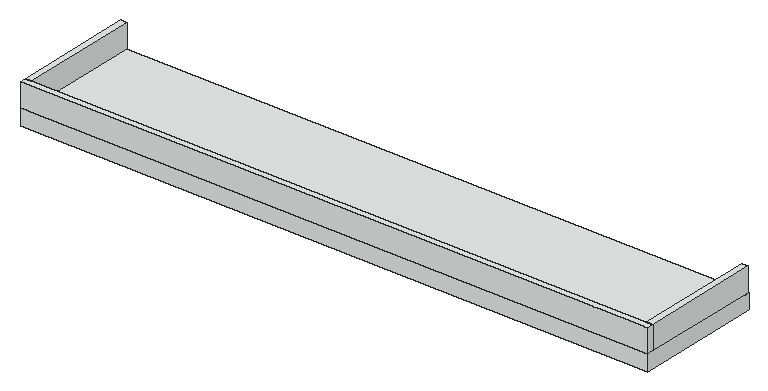
Revit family "Bancada_Lineal_Seca_Lab", category Plumbing Fixtures, host Wall, Revit 2020
Family settings
  Host = Wall
  Round Connector Dimension = Use Diameter
  Part Type = Normal
  Always vertical = Yes
  Cut with Voids When Loaded = No
  Shared = No
  Room Calculation Point = Yes
Parameters (values of type "BAN_040x090_LIN_SEC_LAB")
  Material_Bancada [instance] = CT_Bancadas_Labs
  Description = "Descrição do tipo"
  Default Elevation = 0.000 m
  Coloca_Espelho_2 [instance] = yes
  Coloca_Espelho_1 [instance] = yes
  Bancada_Profundidade = 0.400 m
  Bancada_Frente [instance] = 2.000 m
  Bancada_Altura = 0.900 m
Types (4, lengths in m): name | Bancada_Profundidade
  BAN_040x090_LIN_SEC_LAB | 0.400
  BAN_050x090_LIN_SEC_LAB | 0.500
  BAN_060x090_LIN_SEC_LAB | 0.600
  BAN_080x090_LIN_SEC_LAB | 0.800
Reference planes (m)
  plane 1: y = 0
  plane 2 "Back": y = 0.075
  plane 3: z = 0.9
  plane 4: x = -1.082628
  plane 5: x = 0.917372
  plane 6: y = 0.475
  plane 7: z = 0.85
  plane 8: z = 0.975
  plane 9 "Centro_Bancada": x = -0.082628
Forms (m)
  Extrusion 1, solid, material "CT_Bancadas_Labs" <- "Material_Bancada"
    sketch origin (0, 0, 0) x (1, 0, 0) y (0, 1, 0)
      loop
        line (-1.082628, 0.475) -> (-1.082628, 0.075) -> (0.917372, 0.075) -> (0.917372, 0.475) -> (-1.082628, 0.475)
    from 0.85 to 0.9
  Extrusion 2, solid, material "CT_Bancadas_Labs" <- "Material_Bancada"
    sketch origin (0, 0, 0) x (1, 0, 0) y (0, 1, 0)
      loop
        line (-1.082628, 0.075) -> (0.917372, 0.075) -> (0.917372, 0.095) -> (-1.082628, 0.095) -> (-1.082628, 0.075)
    from 0.9 to 0.975
  Extrusion 3, solid, material "CT_Bancadas_Labs" <- "Material_Bancada", visible <- "Coloca_Espelho_2"
    sketch origin (-1.157628, 1.157628, 0) x (0, 1, 0) y (-1, 0, 0)
      loop
        line (-1.062628, -0.075) -> (-1.062628, -0.095) -> (-0.682628, -0.095) -> (-0.682628, -0.075) -> (-1.062628, -0.075)
    from 0.9 to 0.975
  Extrusion 4, solid, material "CT_Bancadas_Labs" <- "Material_Bancada", visible <- "Coloca_Espelho_1"
    sketch origin (0.992372, 1.157628, 0) x (0, 1, 0) y (-1, 0, 0)
      loop
        line (-1.062628, 0.075) -> (-0.682628, 0.075) -> (-0.682628, 0.095) -> (-1.062628, 0.095) -> (-1.062628, 0.075)
    from 0.9 to 0.975
Text (m)
  text "Frente" at (-1.787139, 0.59235, 0), in view "Ref. Level"
  text "Placement side" at (0, 1.827695, 2.917686), in view "Left"
  text "Placement side" at (0, 0.562268, 3.853606), in view "Right"
Dimensions and locks (m)
  locked: plane 2 "Back" to host wall
  "Bancada_Altura": level to plane 3
  "Bancada_Frente": plane 4 to plane 5
  plane 7 to plane 3 = 0.050 m
  "Bancada_Profundidade": plane 6 to plane 2 "Back"
  locked: plane 3 to plane 8 at 0.075
  equal spacing: plane 4, plane 9 "Centro_Bancada", plane 5
  aligned and locked: host wall to plane 1
  aligned and locked: Extrusion 1 sketch curve to plane 6
  aligned and locked: plane 4 to Extrusion 1 sketch curve
  aligned and locked: Extrusion 1 sketch curve to plane 2 "Back"
  aligned and locked: Extrusion 1 sketch curve to plane 5
  aligned and locked: plane 3 to Extrusion 1
  aligned and locked: Extrusion 1 to plane 7
  aligned and locked: Extrusion 2 sketch curve to Extrusion 1
  aligned and locked: Extrusion 1 to Extrusion 2 sketch curve
  aligned and locked: plane 5 to Extrusion 2 sketch curve
  aligned and locked: Extrusion 2 to plane 3
  aligned and locked: plane 8 to Extrusion 2
  aligned and locked: Extrusion 3 to plane 4
  aligned and locked: plane 5 to Extrusion 4
  aligned and locked: Extrusion 4 to Extrusion 2
  aligned and locked: plane 6 to Extrusion 4
  aligned and locked: plane 8 to Extrusion 4
  aligned and locked: Extrusion 4 to plane 3
  aligned and locked: plane 8 to Extrusion 3
  aligned and locked: Extrusion 3 to plane 3
Automatic sketch dimensions
  host wall to Extrusion 2 sketch curve = 0.020 m
  Extrusion 3 sketch curve to plane 4 = 0.000 m
  Extrusion 3 sketch curve to plane 6 = 0.000 m
  Extrusion 3 sketch curve to host wall = 0.020 m
  Extrusion 3 sketch curve to Extrusion 3 sketch curve = 0.020 m
  Extrusion 4 sketch curve to plane 5 = 0.000 m
  Extrusion 4 sketch curve to plane 6 = 0.000 m
  host wall to Extrusion 4 sketch curve = 0.020 m
  Extrusion 4 sketch curve to Extrusion 4 sketch curve = 0.020 m
